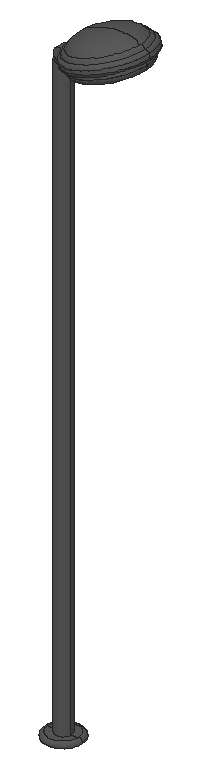
Revit family "svetilnik_alfresco_alkor_dku-01_os", category Lighting Fixtures, Revit 2016 (continued)
Definition of nested family "Алькор"
  Types (3, lengths in mm): name | Photometric Web File | built-in parameter 1150105 | Lumens | built-in parameter 1150106 | built-in parameter 1150142 | Wattage
      .62  1236.58  1193.02  1154.37  1125.08  \r\n 1088.71  1067.01  1044.37  1009.22  991.96   981.86   963.50   938.39   918.51   891.69   \r\n 874.57   855.28   826.88   814.54   804.36   793.29   777.70   757.13   737.71   719.47   \r\n 698.80   679.33   659.71   641.69   623.50   607.05   590.52   573.51   558.81   544.70   \r\n 528.80   513.10   492.95   468.75   438.15   402.48   361.74   313.35   264.25   215.21   \r\n 170.96   143.76   116.58   105.68   100.14   92.98    84.47    76.53    68.68    61.67    \r\n 56.38    51.91    47.16    42.63    38.37    34.23    30.10    26.18    22.34    18.85    \r\n 15.26    11.88    8.85     6.23     4.27     2.91     2.27     1.80     1.33     0.93     \r\n 0.79     \r\n1605.95  1576.77  1565.54  1536.45  1506.96  1489.40  1471.53  1448.77  1440.68  1413.73  \r\n 1421.92  1396.34  1332.83  1303.69  1280.80  1257.19  1210.53  1172.79  1123.68  1106.31  \r\n 1054.55  1013.03  983.29   965.93   954.55   942.46   931.71   917.12   902.42   877.07   \r\n 853.29   833.61   816.89   805.46   796.13   785.63   768.65   745.41   723.40   704.82   \r\n 682.90   660.96   641.43   620.91   599.26   580.35   562.40   547.17   532.23   520.10   \r\n 511.06   500.64   482.08   455.55   425.11   386.01   343.18   297.53   249.68   204.90   \r\n 162.66   130.62   108.45   96.86    89.15    82.97    76.92    70.78    64.65    58.26    \r\n 53.58    48.75    43.92    40.04    36.88    33.47    29.14    24.80    21.07    17.82    \r\n 14.91    11.66    8.96     6.28     4.25     2.91     2.24     1.78     1.34     0.94     \r\n 0.77     \r\n1605.95  1584.99  1589.68  1551.23  1512.79  1491.29  1469.91  1448.40  1439.68  1431.42  \r\n 1409.52  1387.93  1339.82  1312.53  1305.63  1266.61  1235.98  1200.17  1168.48  1129.43  \r\n 1085.17  1049.83  1027.02  1008.14  987.20   967.69   964.39   942.85   922.45   899.46   \r\n 879.12   868.83   836.23   820.10   810.28   799.10   781.49   759.98   739.24   721.91   \r\n 701.14   681.60   664.09   644.13   624.49   607.03   589.37   574.47   560.40   545.99   \r\n 533.16   519.87   505.35   482.94   453.86   418.28   377.40   331.79   283.32   233.16   \r\n 186.25   154.45   122.66   108.23   100.78   95.00    87.61    79.50    71.14    64.05    \r\n 57.99    52.52    47.94    43.29    38.75    34.73    30.81    26.81    23.22    19.64    \r\n 16.44    13.18    9.89     6.82     4.56     3.05     2.33     1.86     1.40     0.99     \r\n 0.80     \r\n1605.95  1594.74  1597.90  1552.67  1518.96  1491.12  1467.43  1451.67  1428.70  1426.26  \r\n 1400.18  1379.75  1374.76  1363.11  1330.23  1289.04  1257.88  1222.19  1213.74  1193.24  \r\n 1154.45  1114.10  1083.12  1061.72  1042.46  1023.15  1017.81  1010.27  989.56   954.43   \r\n 926.40   906.06   887.30   871.99   861.92   840.11   815.36   806.23   786.46   758.67   \r\n 736.43   715.76   699.29   682.82   664.24   648.82   634.56   618.71   601.12   580.89   \r\n 560.58   539.20   520.71   505.05   490.83   468.64   437.74   395.22   346.07   293.56   \r\n 241.20   191.43   150.84   120.62   101.38   92.49    86.11    78.03    69.99    61.95    \r\n 55.11    49.40    44.36    39.50    35.17    31.41    28.10    24.92    21.62    18.25    \r\n 15.00    11.75    8.91     6.56     4.62     3.18     2.47     1.98     1.53     1.09     \r\n 0.91     \r\n1605.95  1601.49  1588.22  1556.04  1523.88  1498.17  1495.98  1475.99  1456.29  1434.33  \r\n 1423.87  1413.02  1398.51  1368.44  1333.46  1306.41  1287.57  1278.89  1243.01  1199.87  \r\n 1175.60  1154.28  1112.25  1086.21  1064.87  1047.43  1016.72  987.87   964.28   942.72   \r\n 929.36   916.49   908.23   883.98   871.30   858.38   834.37   815.07   802.80   791.01   \r\n 784.19   773.85   757.44   742.99   727.70   709.03   691.95   676.23   658.40   642.57   \r\n 637.55   626.17   618.87   615.02   608.86   600.36   585.92   560.37   525.62   472.83   \r\n 406.85   336.24   266.61   204.85   165.61   126.53   108.18   100.13   93.70    83.05    \r\n 72.51    61.40    53.08    46.15    40.46    35.09    30.28    26.60    23.59    20.52    \r\n 17.67    14.96    11.67    8.28     5.42     3.58     2.77     2.21     1.70     1.20     \r\n 1.05     \r\n1605.95  1604.09  1581.27  1564.21  1533.68  1531.64  1520.73  1496.59  1480.12  1456.87  \r\n 1437.14  1423.23  1395.32  1367.69  1348.04  1331.81  1304.65  1281.04  1260.95  1242.44  \r\n 1208.37  1191.87  1176.40  1154.66  1134.05  1117.81  1110.00  1110.14  1101.65  1089.77  \r\n 1071.69  1064.32  1046.42  1017.46  987.93   962.03   938.81   913.68   897.43   880.82   \r\n 866.64   857.30   851.55   849.43   848.46   858.97   906.83   935.78   879.92   835.00   \r\n 819.79   829.68   840.49   824.85   785.40   751.86   726.30   717.08   707.45   676.64   \r\n 645.72   576.68   511.51   432.09   346.66   270.97   211.09   166.18   137.52   120.41   \r\n 107.43   93.90    78.30    64.80    51.31    43.22    37.17    32.09    27.75    24.11    \r\n 20.27    16.43    12.85    9.38     6.26     4.10     3.22     2.63     2.07     1.59     \r\n 1.55     \r\n1605.95  1604.98  1581.28  1563.39  1548.72  1561.43  1541.83  1522.20  1494.06  1474.22  \r\n 1469.83  1468.75  1445.48  1418.69  1382.47  1354.21  1331.56  1323.77  1325.44  1322.45  \r\n 1319.58  1327.64  1331.79  1337.96  1345.08  1347.84  1335.46  1305.99  1266.82  1224.12  \r\n 1174.71  1132.78  1102.41  1087.40  1073.66  1069.21  1068.72  1059.43  1050.16  1033.95  \r\n 1018.47  1006.23  1000.41  998.01   995.49   994.59   1004.42  1021.15  1039.47  1057.58  \r\n 1073.09  1080.28  1074.74  1071.40  1065.79  1043.85  1027.88  1020.35  1024.43  1023.82  \r\n 1016.21  1003.86  974.54   927.48   847.62   738.25   595.08   453.41   312.86   211.39   \r\n 166.81   122.34   107.38   94.46    82.13    68.92    56.85    47.09    38.63    31.18    \r\n 24.97    19.93    15.04    10.94    7.49     5.23     4.30     3.63     3.01     2.52     \r\n 2.65     \r\n1605.95  1597.35  1592.78  1566.03  1564.72  1586.12  1571.42  1551.88  1521.49  1509.16  \r\n 1512.42  1504.13  1468.68  1441.62  1425.56  1415.64  1404.22  1408.56  1422.15  1443.11  \r\n 1471.64  1498.67  1522.63  1523.84  1516.36  1497.25  1448.32  1393.18  1346.80  1312.25  \r\n 1291.32  1282.71  1266.83  1258.47  1256.81  1253.49  1251.59  1248.75  1247.54  1247.77  \r\n 1249.89  1260.04  1276.80  1296.71  1320.15  1337.58  1357.74  1370.00  1378.55  1389.56  \r\n 1395.26  1410.84  1431.88  1448.00  1468.55  1492.28  1519.51  1548.72  1578.58  1600.89  \r\n 1636.95  1678.69  1698.68  1695.38  1674.95  1630.43  1555.71  1418.61  1215.61  969.27   \r\n 677.06   432.84   257.80   178.49   147.68   126.44   105.88   86.93    70.71    54.50    \r\n 41.31    30.23    20.80    13.85    9.76     7.22     6.10     5.13     4.37     3.86     \r\n 4.07     \r\n1605.95  1600.80  1601.10  1586.07  1586.89  1599.17  1601.15  1588.01  1568.89  1565.31  \r\n 1557.67  1535.04  1514.90  1495.46  1476.46  1463.06  1469.76  1495.47  1529.48  1565.18  \r\n 1597.58  1608.45  1611.88  1595.71  1561.94  1524.03  1487.81  1459.64  1444.39  1439.19  \r\n 1438.75  1442.41  1450.49  1462.02  1480.27  1502.85  1520.38  1536.69  1552.13  1566.39  \r\n 1574.12  1599.58  1637.48  1698.31  1708.28  1699.25  1707.73  1724.22  1751.91  1784.66  \r\n 1818.24  1852.70  1901.36  1955.37  2019.82  2077.54  2140.52  2203.85  2258.71  2307.30  \r\n 2368.52  2443.97  2521.95  2581.63  2589.97  2564.36  2488.53  2383.34  2235.83  2001.25  \r\n 1623.43  1245.10  838.52   505.40   298.71   210.24   165.12   137.37   109.65   84.04    \r\n 60.97    44.08    30.97    20.74    14.03    10.34    8.21     6.88     5.87     5.27     \r\n 5.50     \r\n1605.95  1599.01  1592.62  1592.52  1600.82  1609.80  1619.03  1625.29  1634.79  1617.47  \r\n 1605.59  1575.51  1564.90  1552.92  1540.53  1532.55  1548.66  1580.02  1616.27  1642.54  \r\n 1669.64  1691.79  1684.31  1666.06  1642.28  1619.55  1602.71  1598.25  1597.27  1602.89  \r\n 1611.86  1615.32  1628.58  1647.62  1671.35  1704.71  1743.41  1785.90  1830.64  1861.41  \r\n 1882.44  1901.59  1926.64  1962.02  2005.78  2052.78  2101.80  2158.86  2224.52  2291.85  \r\n 2351.28  2406.19  2467.05  2540.55  2622.82  2714.22  2820.65  2928.26  3046.66  3131.43  \r\n 3199.14  3259.43  3284.96  3277.06  3217.98  3101.12  2940.57  2733.08  2475.77  2168.64  \r\n 1752.69  1284.17  866.18   586.26   306.56   215.02   173.64   143.07   115.82   91.94    \r\n 72.37    52.82    34.55    22.78    15.38    11.43    9.16     7.80     6.59     6.13     \r\n 6.40     \r\n1605.95  1606.00  1597.22  1609.37  1628.33  1640.25  1655.60  1671.33  1669.56  1666.76  \r\n 1651.60  1647.45  1631.22  1623.69  1620.87  1633.64  1651.12  1676.07  1714.41  1731.49  \r\n 1748.91  1773.48  1794.19  1804.34  1808.18  1803.49  1799.50  1795.96  1802.21  1819.47  \r\n 1838.54  1863.12  1888.01  1918.86  1959.09  2000.41  2049.78  2109.81  2174.97  2244.85  \r\n 2307.50  2381.51  2385.81  2393.54  2415.64  2457.38  2516.89  2579.47  2641.64  2705.35  \r\n 2770.89  2847.16  2929.28  3027.15  3137.43  3248.57  3371.51  3494.21  3613.71  3709.27  \r\n 3760.68  3741.17  3652.53  3475.59  3215.28  2904.08  2529.41  2127.20  1680.90  1230.76  \r\n 830.18   602.12   376.83   285.58   225.15   176.56   138.31   105.40   78.15    60.16    \r\n 42.24    32.15    24.55    18.01    13.42    10.69    9.31     8.15     6.91     6.67     \r\n 6.99     \r\n1605.95  1600.96  1593.45  1613.16  1641.40  1662.86  1678.31  1686.93  1698.83  1701.05  \r\n 1688.67  1690.32  1693.33  1690.31  1690.37  1695.27  1706.24  1722.56  1754.36  1777.20  \r\n 1799.37  1830.30  1865.17  1900.64  1930.00  1941.87  1945.14  1950.20  1956.95  1982.49  \r\n 2014.08  2050.49  2090.74  2129.79  2174.34  2228.32  2284.79  2348.65  2418.49  2483.73  \r\n 2538.25  2587.80  2643.35  2708.93  2780.62  2856.10  2940.25  3029.74  3123.40  3221.27  \r\n 3322.09  3428.12  3552.32  3697.41  3858.30  4044.13  4241.21  4428.38  4570.47  4625.25  \r\n 4556.63  4383.20  4109.68  3697.06  3166.75  2526.33  1861.20  1198.80  734.16   481.56   \r\n 370.69   302.59   248.65   201.66   163.21   124.84   95.81    71.09    53.94    42.74    \r\n 33.85    25.66    20.18    15.82    12.32    9.94     8.46     7.39     6.28     6.16     \r\n 6.48     \r\n1605.95  1589.61  1592.58  1617.72  1650.76  1680.46  1705.64  1731.65  1750.75  1754.52  \r\n 1734.09  1725.61  1743.73  1747.45  1768.30  1786.80  1814.22  1838.30  1859.12  1881.22  \r\n 1894.25  1927.55  1963.94  2015.22  2069.75  2124.46  2171.54  2204.02  2235.43  2279.45  \r\n 2331.04  2385.43  2442.85  2499.91  2565.32  2636.31  2712.93  2793.54  2883.53  2985.57  \r\n 3086.76  3199.86  3331.48  3421.99  3473.95  3537.02  3626.25  3736.45  3850.43  3944.71  \r\n 4034.36  4126.07  4214.51  4306.85  4402.39  4479.61  4543.70  4553.32  4488.11  4346.21  \r\n 4127.36  3818.38  3383.60  2814.30  2135.99  1454.80  923.82   680.00   437.07   349.05   \r\n 288.52   236.37   189.35   148.06   114.53   84.09    66.24    48.51    38.22    30.17    \r\n 24.35    19.90    16.26    13.28    10.82    8.70     7.47     6.44     5.42     5.33     \r\n 5.57     \r\n1605.95  1585.33  1590.25  1615.00  1647.90  1684.96  1727.23  1776.16  1791.92  1802.41  \r\n 1781.57  1765.39  1793.75  1818.28  1840.80  1875.33  1937.49  1976.64  2003.57  2034.38  \r\n 2079.07  2095.97  2142.34  2186.98  2246.55  2315.82  2392.25  2470.84  2538.74  2600.54  \r\n 2663.58  2732.40  2794.45  2864.02  2946.63  3032.54  3123.98  3199.23  3275.79  3360.03  \r\n 3441.04  3503.12  3568.17  3618.12  3664.51  3712.48  3755.72  3793.73  3825.58  3850.83  \r\n 3876.72  3903.30  3930.40  3946.08  3938.97  3900.10  3808.11  3624.44  3344.89  2917.64  \r\n 2374.76  1828.28  1283.95  881.07   630.76   487.28   405.37   340.60   283.92   233.78   \r\n 189.44   152.39   115.36   86.99    68.56    57.94    48.28    41.84    36.63    31.15    \r\n 26.93    21.49    15.79    11.97    9.35     7.36     6.18     5.34     4.46     4.42     \r\n 4.61     \r\n1605.95  1580.40  1587.87  1612.75  1647.11  1681.11  1729.34  1796.07  1806.20  1828.87  \r\n 1836.19  1832.75  1830.39  1849.58  1897.14  1932.06  1994.72  2061.80  2112.69  2167.63  \r\n 2234.80  2324.47  2392.26  2440.50  2460.20  2493.10  2552.80  2630.17  2740.83  2816.65  \r\n 2891.43  2970.94  3052.79  3118.61  3171.99  3226.09  3270.73  3311.73  3350.64  3378.75  \r\n 3401.14  3422.69  3439.53  3454.87  3472.48  3496.13  3526.79  3547.15  3481.01  3381.63  \r\n 3269.09  3128.91  2935.04  2680.24  2361.37  2051.40  1752.46  1460.47  1181.37  893.49   \r\n 681.40   470.11   375.01   325.90   285.86   236.16   190.48   158.96   129.92   105.76   \r\n 87.11    74.46    65.66    58.55    51.97    46.69    42.53    41.00    39.40    35.57    \r\n 29.64    21.03    13.32    8.41     6.40     5.53     4.80     4.07     3.40     3.38     \r\n 3.54     \r\n1605.95  1581.26  1581.50  1599.87  1629.40  1658.20  1690.66  1741.45  1808.37  1850.21  \r\n 1863.51  1900.42  1899.36  1918.07  1936.31  1984.73  2031.43  2120.43  2149.81  2230.20  \r\n 2263.25  2324.41  2401.80  2502.88  2582.12  2671.17  2760.83  2856.23  2913.86  2984.93  \r\n 3057.52  3094.85  3131.28  3163.10  3185.06  3192.52  3199.85  3200.45  3189.87  3177.90  \r\n 3155.88  3120.36  3066.75  2987.68  2883.48  2741.82  2555.49  2322.86  2055.23  1796.59  \r\n 1577.38  1358.64  1187.97  1023.99  867.17   722.27   587.18   465.25   371.23   302.19   \r\n 251.60   221.12   194.46   172.66   151.42   130.24   113.29   102.26   94.36    87.47    \r\n 82.70    77.37    68.70    62.87    57.19    51.63    47.13    39.87    32.19    25.59    \r\n 19.23    13.88    9.96     7.06     5.10     4.24     3.62     2.97     2.30     2.29     \r\n 2.38     \r\n1605.95  1578.23  1575.44  1587.17  1607.41  1634.80  1664.33  1700.30  1790.40  1828.97  \r\n 1836.10  1875.40  1924.15  1955.60  1993.52  2023.01  2063.54  2125.74  2184.46  2205.65  \r\n 2278.03  2335.66  2405.40  2485.12  2584.78  2679.68  2760.59  2833.30  2895.17  2949.50  \r\n 2987.78  3028.11  3046.78  3062.22  3059.83  3046.73  3027.47  2998.70  2953.87  2896.37  \r\n 2804.01  2666.51  2476.68  2236.09  1946.48  1661.44  1423.28  1232.34  1088.54  963.34   \r\n 865.25   763.38   671.16   579.04   491.90   408.72   327.51   263.38   215.94   182.23   \r\n 160.44   143.31   129.14   117.70   107.20   97.95    89.42    81.44    75.84    69.88    \r\n 64.05    58.58    50.19    41.21    36.10    32.06    28.24    24.43    20.80    17.16    \r\n 13.81    10.84    7.69     5.32     3.90     3.19     2.61     2.01     1.52     1.51     \r\n 1.56     \r\n1605.95  1579.98  1572.25  1575.11  1593.84  1614.04  1640.44  1669.15  1719.74  1759.74  \r\n 1766.32  1811.81  1861.28  1914.62  1962.71  2009.82  2059.37  2109.52  2159.03  2210.10  \r\n 2272.80  2336.56  2413.78  2494.49  2575.05  2651.30  2718.35  2776.25  2819.61  2854.36  \r\n 2884.44  2902.43  2913.73  2918.88  2916.21  2898.75  2865.32  2808.52  2712.24  2571.43  \r\n 2375.14  2132.33  1856.41  1619.36  1383.05  1216.08  1078.93  958.76   841.91   732.35   \r\n 633.42   546.61   470.35   401.34   334.20   272.79   222.01   187.04   162.20   144.07   \r\n 125.98   113.42   101.24   93.30    87.34    82.79    76.51    70.26    64.66    57.68    \r\n 52.43    48.98    45.78    40.94    36.47    35.83    32.80    27.51    20.69    15.94    \r\n 12.30    9.90     7.75     5.14     3.34     2.76     2.22     1.65     1.20     1.18     \r\n 1.21     \r\n1605.95  1579.35  1571.83  1572.75  1581.87  1599.33  1622.31  1652.46  1690.08  1739.62  \r\n 1762.10  1807.51  1856.69  1909.53  1961.76  2010.47  2060.17  2107.79  2160.14  2215.32  \r\n 2283.49  2356.70  2430.99  2505.23  2576.21  2639.42  2691.79  2732.12  2762.83  2787.12  \r\n 2800.11  2805.55  2808.70  2804.98  2790.96  2764.43  2711.56  2620.55  2475.89  2277.48  \r\n 2036.62  1781.03  1550.99  1366.38  1217.51  1091.90  979.11   865.57   767.82   674.40   \r\n 581.02   498.52   419.03   344.86   278.05   227.69   192.61   166.36   143.10   124.43   \r\n 111.68   103.19   93.54    88.56    82.81    77.33    73.16    69.01    64.49    57.70    \r\n 51.73    45.75    40.21    37.97    35.90    32.92    28.84    23.66    19.23    15.23    \r\n 11.88    8.90     6.27     4.21     3.12     2.56     2.04     1.47     1.11     1.07     \r\n 1.07     \r\n1605.95  1585.78  1577.32  158
      1.35  1587.59  1597.48  1616.26  1645.61  1686.91  1724.77  \r\n 1761.49  1807.13  1858.28  1910.08  1962.78  2014.68  2062.84  2112.97  2165.84  2221.37  \r\n 2287.01  2361.64  2437.59  2510.12  2576.61  2634.81  2680.78  2713.57  2741.30  2762.66  \r\n 2777.32  2783.43  2783.88  2779.08  2764.98  2734.30  2674.77  2569.22  2409.17  2194.22  \r\n 1946.88  1708.08  1518.20  1329.10  1188.84  1068.39  955.62   845.97   756.23   662.57   \r\n 570.83   487.97   409.87   336.38   270.35   220.01   186.34   162.23   141.88   121.62   \r\n 107.06   96.83    90.79    86.24    81.17    73.89    69.53    65.61    60.35    55.66    \r\n 50.44    44.33    39.32    37.45    37.07    34.89    30.06    24.53    19.91    15.52    \r\n 12.12    8.95     5.95     4.07     3.07     2.51     1.99     1.41     1.06     1.05     \r\n 1.06     \r\n" | 38.373 W
